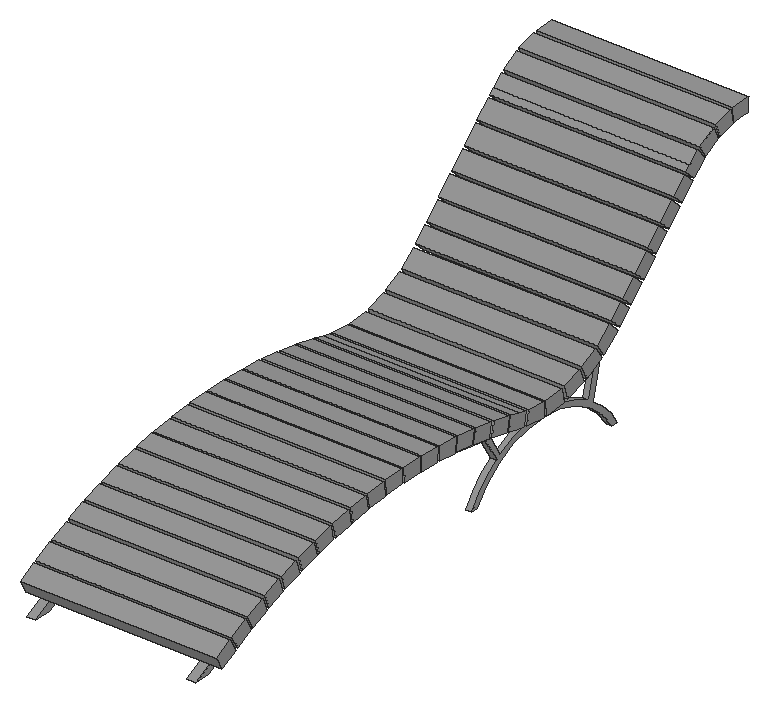
Revit family "9979 Парковый лежак 3 Хоббика", category Антураж, Revit 2018
Family settings
  На основе рабочей плоскости = Нет
  Всегда вертикально = Да
  При загрузке вырезать с полостями = Нет
  Источник визуального образа = Геометрия семейства
  Общий = Нет
  Точка расчета площади = Нет
Parameters (values of type "Парковый лежак 3")
  Ширина = 2450 mm  # constant formula
  Цвет отделки = Дерево
  Цвет каркаса = Сталь
  Описание = "Парковый лежак 3"  # constant formula
  Материал изделия = "Сталь, дерево"  # constant formula
  Изображение типоразмера = Парковый лежак 3 Арт 9979.jpg
  Изготовитель = "ООО «Хоббика»"  # constant formula
  Длина = 700 mm  # constant formula
  Группа модели = "Лежаки и шезлонги"  # constant formula
  Высота = 830 mm  # constant formula
  Артикул товара = "Арт. 9979"  # constant formula
  URL = "https://hobbyka.ru/product/parkovyy_lezhak_3"
Reference planes
  plane 1 "По центру (Вперед/Назад)": y = 0
  plane 2: z = 0
  plane 3 "По центру (Влево/Вправо)": x = 0
  plane 4: x = 700
  plane 5: y = 2450
  plane 6: z = 830
Forms (mm)
  Extrusion 1, solid, material "Сталь" <- "Цвет каркаса"
    sketch origin (0, 0, 0) x (0, 1, 0) y (0, 0, 1)
      loop
        arc (2242.407, 676.174) -> (2334.578, 736.031) -> (2443.127, 753.223) r 264.299
        line (2443.127, 753.223) -> (2444.697, 783.182)
        arc (2444.697, 783.182) -> (2323.827, 764.038) -> (2221.194, 697.387) r 294.299
        line (2221.194, 697.387) -> (1874.711, 350.905)
        arc (1874.711, 350.905) -> (1662.37, 227.041) -> (1416.565, 223.745) r 482.964
        arc (1416.565, 223.745) -> (707.552, 252.925) -> (44.544, 0) r 1761.706
        line (44.544, 0) -> (101.625, 0)
        arc (101.625, 0) -> (736.167, 227.025) -> (1409.32, 194.633) r 1731.706
        arc (1409.32, 194.633) -> (1670.394, 198.134) -> (1895.925, 329.692) r 512.964
        line (1895.925, 329.692) -> (2242.407, 676.174)
    from 50 to 80
  Extrusion 2, solid, material "Сталь" <- "Цвет каркаса"
    sketch origin (0, 0, 0) x (0, 1, 0) y (0, 0, 1)
      loop
        arc (2242.407, 676.174) -> (2334.578, 736.031) -> (2443.127, 753.223) r 264.299
        line (2443.127, 753.223) -> (2444.697, 783.182)
        arc (2444.697, 783.182) -> (2323.827, 764.038) -> (2221.194, 697.387) r 294.299
        line (2221.194, 697.387) -> (1874.711, 350.905)
        arc (1874.711, 350.905) -> (1662.37, 227.041) -> (1416.565, 223.745) r 482.964
        arc (1416.565, 223.745) -> (707.552, 252.925) -> (44.544, 0) r 1761.706
        line (44.544, 0) -> (101.625, 0)
        arc (101.625, 0) -> (736.167, 227.025) -> (1409.32, 194.633) r 1731.706
        arc (1409.32, 194.633) -> (1670.394, 198.134) -> (1895.925, 329.692) r 512.964
        line (1895.925, 329.692) -> (2242.407, 676.174)
    from 620 to 650
  Extrusion 3, solid, material "Сталь" <- "Цвет каркаса"
    sketch origin (0, 0, 0) x (0, 1, 0) y (0, 0, 1)
      loop
        line (1847.149, 286.739) -> (1804.409, 127.231)
        arc (1804.409, 127.231) -> (1606.977, 182.497) -> (1409.516, 127.332) r 380.637
        line (1409.516, 127.332) -> (1361.989, 205.709)
        arc (1361.989, 205.709) -> (1348.59, 208.592) -> (1335.168, 211.368) r 1731.706
        line (1335.168, 211.368) -> (1392.688, 116.512)
        arc (1392.688, 116.512) -> (1331.061, 64.174) -> (1281.88, 0) r 380.637
        line (1281.88, 0) -> (1305.55, 0)
        arc (1305.55, 0) -> (1606.88, 162.497) -> (1908.209, 0) r 360.637
        line (1908.209, 0) -> (1931.88, 0)
        arc (1931.88, 0) -> (1883.111, 63.739) -> (1822.062, 115.837) r 380.637
        line (1822.062, 115.837) -> (1873.77, 308.815)
        arc (1873.77, 308.815) -> (1860.646, 297.553) -> (1847.149, 286.739) r 512.964
    from 55 to 75
  Extrusion 4, solid, material "Сталь" <- "Цвет каркаса"
    sketch origin (0, 0, 0) x (0, 1, 0) y (0, 0, 1)
      loop
        line (1847.149, 286.739) -> (1804.409, 127.231)
        arc (1804.409, 127.231) -> (1606.977, 182.497) -> (1409.516, 127.332) r 380.637
        line (1409.516, 127.332) -> (1361.989, 205.709)
        arc (1361.989, 205.709) -> (1348.59, 208.592) -> (1335.168, 211.368) r 1731.706
        line (1335.168, 211.368) -> (1392.688, 116.512)
        arc (1392.688, 116.512) -> (1331.061, 64.174) -> (1281.88, 0) r 380.637
        line (1281.88, 0) -> (1305.55, 0)
        arc (1305.55, 0) -> (1606.88, 162.497) -> (1908.209, 0) r 360.637
        line (1908.209, 0) -> (1931.88, 0)
        arc (1931.88, 0) -> (1883.111, 63.739) -> (1822.062, 115.837) r 380.637
        line (1822.062, 115.837) -> (1873.77, 308.815)
        arc (1873.77, 308.815) -> (1860.646, 297.553) -> (1847.149, 286.739) r 512.964
    from 625 to 645
  Extrusion 5, solid, material "Дерево" <- "Цвет отделки"
    sketch origin (0, 0, 0) x (0, 1, 0) y (0, 0, 1)
      loop
        line (1874.713, 350.898) -> (1915.73, 391.909) -> (1880.36, 427.283) -> (1839.343, 386.272) -> (1874.713, 350.898)
      loop
        arc (2221.227, 697.364) -> (2236.365, 711.471) -> (2252.456, 724.479) r 294.279
        line (2252.456, 724.479) -> (2222.392, 764.463)
        arc (2222.392, 764.463) -> (2203.563, 749.24) -> (2185.85, 732.731) r 344.291
        line (2185.85, 732.731) -> (2170.294, 717.177) -> (2205.663, 681.803) -> (2221.227, 697.364)
      loop
        arc (101.434, 34.747) -> (130.974, 51.649) -> (160.834, 67.978) r 1761.706
        line (160.834, 67.978) -> (137.269, 112.078)
        arc (137.269, 112.078) -> (106.561, 95.285) -> (76.183, 77.903) r 1811.704
        line (76.183, 77.903) -> (101.434, 34.747)
      loop
        arc (1416.57, 223.743) -> (1432.25, 220.118) -> (1448.041, 217.016) r 482.965
        line (1448.041, 217.016) -> (1456.859, 266.233)
        arc (1456.859, 266.233) -> (1442.693, 269.015) -> (1428.627, 272.267) r 432.956
        arc (1428.627, 272.267) -> (1408.713, 277.104) -> (1388.745, 281.715) r 1811.704
        line (1388.745, 281.715) -> (1377.771, 232.935)
        arc (1377.771, 232.935) -> (1397.197, 228.449) -> (1416.57, 223.743) r 1761.706
      loop
        arc (2447.314, 833.114) -> (2412.329, 833.167) -> (2377.519, 829.67) r 344.299
        line (2377.519, 829.67) -> (2383.305, 780.074)
        arc (2383.305, 780.074) -> (2414.051, 783.351) -> (2444.971, 783.385) r 294.319
        line (2444.971, 783.385) -> (2447.314, 833.114)
      loop
        line (2163.222, 710.106) -> (2113.722, 660.612) -> (2149.091, 625.238) -> (2198.592, 674.732) -> (2163.222, 710.106)
      loop
        line (2106.65, 653.542) -> (2057.149, 604.048) -> (2092.518, 568.673) -> (2142.019, 618.167) -> (2106.65, 653.542)
      loop
        line (2050.078, 596.977) -> (2000.577, 547.483) -> (2035.946, 512.109) -> (2085.447, 561.603) -> (2050.078, 596.977)
      loop
        line (1993.505, 540.412) -> (1944.004, 490.918) -> (1979.374, 455.544) -> (2028.874, 505.038) -> (1993.505, 540.412)
      loop
        line (1936.933, 483.848) -> (1887.432, 434.354) -> (1922.801, 398.98) -> (1972.302, 448.474) -> (1936.933, 483.848)
      loop
        line (2230.47, 770.356) -> (2259.36, 729.516)
        arc (2259.36, 729.516) -> (2284.613, 745.527) -> (2311.36, 758.894) r 294.297
        line (2311.36, 758.894) -> (2291.317, 804.714)
        arc (2291.317, 804.714) -> (2260.02, 789.083) -> (2230.47, 770.356) r 344.291
      loop
        arc (2367.658, 828.011) -> (2333.602, 820.007) -> (2300.535, 808.588) r 344.292
        line (2300.535, 808.588) -> (2319.236, 762.212)
        arc (2319.236, 762.212) -> (2347.489, 772.025) -> (2376.591, 778.92) r 294.383
        line (2376.591, 778.92) -> (2367.658, 828.011)
      loop
        arc (1830.743, 377.906) -> (1804.375, 354.906) -> (1776.237, 334.11) r 432.956
        line (1776.237, 334.11) -> (1804.315, 292.715)
        arc (1804.315, 292.715) -> (1835.705, 315.912) -> (1865.12, 341.568) r 482.965
        line (1865.12, 341.568) -> (1830.743, 377.906)
      loop
        arc (1767.898, 328.592) -> (1737.753, 310.828) -> (1706.273, 295.555) r 432.956
        line (1706.273, 295.555) -> (1726.266, 249.71)
        arc (1726.266, 249.71) -> (1761.384, 266.745) -> (1795.012, 286.56) r 482.965
        line (1795.012, 286.56) -> (1767.898, 328.592)
      loop
        arc (1697.062, 291.664) -> (1664.166, 279.74) -> (1630.416, 270.511) r 432.956
        line (1630.416, 270.511) -> (1641.645, 221.777)
        arc (1641.645, 221.777) -> (1679.294, 232.07) -> (1715.99, 245.369) r 482.965
        line (1715.99, 245.369) -> (1697.062, 291.664)
      loop
        arc (1615.944, 267.435) -> (1581.357, 262.14) -> (1546.455, 259.655) r 432.956
        line (1546.455, 259.655) -> (1547.985, 209.673)
        arc (1547.985, 209.673) -> (1586.919, 212.442) -> (1625.501, 218.347) r 482.965
        line (1625.501, 218.347) -> (1615.944, 267.435)
      loop
        arc (1536.457, 259.464) -> (1501.486, 260.614) -> (1466.721, 264.584) r 432.956
        line (1466.721, 264.584) -> (1459.044, 215.176)
        arc (1459.044, 215.176) -> (1497.823, 210.745) -> (1536.833, 209.46) r 482.965
        line (1536.833, 209.46) -> (1536.457, 259.464)
      loop
        arc (1378.983, 283.883) -> (1344.725, 291.046) -> (1310.334, 297.545) r 1811.704
        line (1310.334, 297.545) -> (1301.524, 248.328)
        arc (1301.524, 248.328) -> (1334.965, 242.008) -> (1368.278, 235.043) r 1761.706
        line (1368.278, 235.043) -> (1378.983, 283.883)
      loop
        arc (1300.486, 299.28) -> (1265.944, 304.924) -> (1231.3, 309.899) r 1811.704
        line (1231.3, 309.899) -> (1224.671, 260.341)
        arc (1224.671, 260.341) -> (1258.359, 255.503) -> (1291.947, 250.015) r 1761.706
        line (1291.947, 250.015) -> (1300.486, 299.28)
      loop
        line (1151.798, 318.752) -> (1147.363, 268.949)
        arc (1147.363, 268.949) -> (1181.232, 265.603) -> (1215.029, 261.603) r 1761.706
        line (1215.029, 261.603) -> (1221.385, 311.197)
        arc (1221.385, 311.197) -> (1186.628, 315.311) -> (1151.798, 318.752) r 1811.704
      loop
        arc (1141.835, 319.611) -> (1106.93, 322.186) -> (1071.983, 324.087) r 1811.704
        line (1071.983, 324.087) -> (1069.75, 274.136)
        arc (1069.75, 274.136) -> (1103.734, 272.289) -> (1137.675, 269.785) r 1761.706
        line (1137.675, 269.785) -> (1141.835, 319.611)
      loop
        arc (1061.991, 324.505) -> (1027.141, 325.534) -> (992.277, 325.893) r 1811.704
        line (992.277, 325.893) -> (992.277, 275.893)
        arc (992.277, 275.893) -> (1025.964, 275.548) -> (1059.638, 274.559) r 1761.706
        line (1059.638, 274.559) -> (1061.991, 324.505)
      loop
        arc (982.009, 325.87) -> (947.014, 325.357) -> (912.035, 324.167) r 1811.704
        line (912.035, 324.167) -> (914.217, 274.214)
        arc (914.217, 274.214) -> (948.231, 275.371) -> (982.26, 275.871) r 1761.706
        line (982.26, 275.871) -> (982.009, 325.87)
      loop
        arc (902.045, 323.703) -> (867.106, 321.645) -> (832.214, 318.913) r 1811.704
        line (832.214, 318.913) -> (836.599, 269.105)
        arc (836.599, 269.105) -> (870.528, 271.762) -> (904.503, 273.763) r 1761.706
        line (904.503, 273.763) -> (902.045, 323.703)
      loop
        arc (822.255, 318.008) -> (787.441, 314.41) -> (752.703, 310.14) r 1811.704
        line (752.703, 310.14) -> (759.282, 260.574)
        arc (759.282, 260.574) -> (793.062, 264.726) -> (826.915, 268.225) r 1761.706
        line (826.915, 268.225) -> (822.255, 318.008)
      loop
        arc (742.793, 308.797) -> (708.172, 303.665) -> (673.657, 297.866) r 1811.704
        line (673.657, 297.866) -> (682.418, 248.639)
        arc (682.418, 248.639) -> (715.981, 254.278) -> (749.646, 259.268) r 1761.706
        line (749.646, 259.268) -> (742.793, 308.797)
      loop
        line (595.229, 282.114) -> (606.155, 233.322)
        arc (606.155, 233.322) -> (639.436, 240.437) -> (672.849, 246.908) r 1761.706
        line (672.849, 246.908) -> (663.816, 296.086)
        arc (663.816, 296.086) -> (629.455, 289.432) -> (595.229, 282.114) r 1811.704
      loop
        arc (585.477, 279.902) -> (551.443, 271.737) -> (517.574, 262.916) r 1811.704
        line (517.574, 262.916) -> (530.642, 214.653)
        arc (530.642, 214.653) -> (563.577, 223.231) -> (596.672, 231.171) r 1761.706
        line (596.672, 231.171) -> (585.477, 279.902)
      loop
        line (440.841, 240.309) -> (456.028, 192.67)
        arc (456.028, 192.67) -> (488.552, 202.693) -> (521.263, 212.086) r 1761.706
        line (521.263, 212.086) -> (507.929, 260.276)
        arc (507.929, 260.276) -> (474.288, 250.616) -> (440.841, 240.309) r 1811.704
      loop
        arc (431.322, 237.245) -> (398.141, 226.11) -> (365.182, 214.336) r 1811.704
        line (365.182, 214.336) -> (382.456, 167.414)
        arc (382.456, 167.414) -> (414.506, 178.863) -> (446.771, 189.691) r 1761.706
        line (446.771, 189.691) -> (431.322, 237.245)
      loop
        arc (355.807, 210.855) -> (323.15, 198.267) -> (290.742, 185.049) r 1811.704
        line (290.742, 185.049) -> (310.071, 138.935)
        arc (310.071, 138.935) -> (341.585, 151.788) -> (373.34, 164.029) r 1761.706
        line (373.34, 164.029) -> (355.807, 210.855)
      loop
        line (217.668, 152.505) -> (239.014, 107.289)
        arc (239.014, 107.289) -> (269.929, 121.52) -> (301.114, 135.151) r 1761.706
        line (301.114, 135.151) -> (281.53, 181.158)
        arc (281.53, 181.158) -> (249.461, 167.14) -> (217.668, 152.505) r 1811.704
      loop
        arc (208.637, 148.211) -> (177.218, 132.79) -> (146.102, 116.766) r 1811.704
        line (146.102, 116.766) -> (169.423, 72.537)
        arc (169.423, 72.537) -> (199.68, 88.119) -> (230.232, 103.113) r 1761.706
        line (230.232, 103.113) -> (208.637, 148.211)
    from 0 to 700
Dimensions and locks
  "Длина": plane 3 "По центру (Влево/Вправо)" to plane 4
  "Ширина": plane 5 to plane 1 "По центру (Вперед/Назад)"
  "Высота": plane 6 to plane 2
  aligned and locked: level to plane 2
Automatic sketch dimensions
  Extrusion 1 sketch curve to Extrusion 1 sketch curve = 0 mm  (x6)
  Extrusion 1 sketch curve to level = 0 mm
  Extrusion 1 sketch curve to plane 1 "По центру (Вперед/Назад)" = 44.544 mm
  Extrusion 1 sketch curve to Extrusion 1 sketch curve = 57.081 mm
  Extrusion 1 sketch curve to plane 1 "По центру (Вперед/Назад)" = 991.1 mm
  Extrusion 1 sketch curve to plane 6 = 137.588 mm
  Extrusion 1 sketch curve to plane 5 = 916.795 mm
  Extrusion 1 sketch curve to Extrusion 1 sketch curve = 341.507 mm
  Extrusion 1 sketch curve to Extrusion 1 sketch curve = 21.213 mm  (x4)
  Extrusion 1 sketch curve to plane 5 = 228.806 mm
  Extrusion 1 sketch curve to plane 5 = 20.706 mm
  Extrusion 1 sketch curve to plane 5 = 6.873 mm
  Extrusion 1 sketch curve to plane 5 = 5.303 mm
  Extrusion 1 sketch curve to level = 1485.813 mm
  level to Extrusion 1 sketch curve = 329.692 mm
  Extrusion 1 sketch curve to plane 6 = 340.713 mm
  Extrusion 1 sketch curve to plane 6 = 153.826 mm
  Extrusion 2 sketch curve to Extrusion 2 sketch curve = 0 mm  (x6)
  Extrusion 2 sketch curve to level = 0 mm
  Extrusion 2 sketch curve to plane 1 "По центру (Вперед/Назад)" = 44.544 mm
  Extrusion 2 sketch curve to Extrusion 2 sketch curve = 57.081 mm
  Extrusion 2 sketch curve to plane 1 "По центру (Вперед/Назад)" = 991.1 mm
  Extrusion 2 sketch curve to plane 6 = 137.588 mm
  Extrusion 2 sketch curve to plane 5 = 916.795 mm
  Extrusion 2 sketch curve to Extrusion 2 sketch curve = 341.507 mm
  Extrusion 2 sketch curve to Extrusion 2 sketch curve = 21.213 mm  (x4)
  Extrusion 2 sketch curve to plane 5 = 228.806 mm
  Extrusion 2 sketch curve to plane 5 = 20.706 mm
  Extrusion 2 sketch curve to plane 5 = 6.873 mm
  Extrusion 2 sketch curve to plane 5 = 5.303 mm
  Extrusion 2 sketch curve to level = 1485.813 mm
  level to Extrusion 2 sketch curve = 329.692 mm
  Extrusion 2 sketch curve to plane 6 = 340.713 mm
  Extrusion 2 sketch curve to plane 6 = 153.826 mm
  Extrusion 3 sketch curve to Extrusion 3 sketch curve = 0 mm  (x12)
  Extrusion 3 sketch curve to level = 0 mm
  level to Extrusion 3 sketch curve = 0 mm
  Extrusion 3 sketch curve to plane 1 "По центру (Вперед/Назад)" = 991.1 mm
  Extrusion 3 sketch curve to plane 5 = 1168.12 mm
  Extrusion 3 sketch curve to Extrusion 3 sketch curve = 23.67 mm
  level to Extrusion 3 sketch curve = 211.368 mm
  Extrusion 3 sketch curve to Extrusion 3 sketch curve = 29.618 mm
  level to Extrusion 3 sketch curve = 205.709 mm
  Extrusion 3 sketch curve to Extrusion 3 sketch curve = 26.821 mm
  level to Extrusion 3 sketch curve = 116.512 mm
  Extrusion 3 sketch curve to Extrusion 3 sketch curve = 30.698 mm
  level to Extrusion 3 sketch curve = 127.332 mm
  Extrusion 3 sketch curve to Extrusion 3 sketch curve = 16.829 mm
  Extrusion 3 sketch curve to plane 6 = 137.588 mm
  Extrusion 3 sketch curve to Extrusion 3 sketch curve = 171.215 mm
  Extrusion 3 sketch curve to level = 198.14 mm
  level to Extrusion 3 sketch curve = 127.231 mm
  level to Extrusion 3 sketch curve = 115.837 mm
  Extrusion 3 sketch curve to Extrusion 3 sketch curve = 17.652 mm
  level to Extrusion 3 sketch curve = 286.739 mm
  Extrusion 3 sketch curve to Extrusion 3 sketch curve = 42.74 mm
  level to Extrusion 3 sketch curve = 308.815 mm
  Extrusion 4 sketch curve to Extrusion 4 sketch curve = 0 mm  (x12)
  Extrusion 4 sketch curve to level = 0 mm
  level to Extrusion 4 sketch curve = 0 mm
  Extrusion 4 sketch curve to plane 1 "По центру (Вперед/Назад)" = 991.1 mm
  Extrusion 4 sketch curve to plane 5 = 1168.12 mm
  Extrusion 4 sketch curve to Extrusion 4 sketch curve = 23.67 mm
  level to Extrusion 4 sketch curve = 211.368 mm
  Extrusion 4 sketch curve to Extrusion 4 sketch curve = 29.618 mm
  level to Extrusion 4 sketch curve = 205.709 mm
  Extrusion 4 sketch curve to Extrusion 4 sketch curve = 26.821 mm
  level to Extrusion 4 sketch curve = 116.512 mm
  Extrusion 4 sketch curve to Extrusion 4 sketch curve = 30.698 mm
  level to Extrusion 4 sketch curve = 127.332 mm
  Extrusion 4 sketch curve to Extrusion 4 sketch curve = 16.829 mm
  Extrusion 4 sketch curve to plane 6 = 137.588 mm
  Extrusion 4 sketch curve to Extrusion 4 sketch curve = 171.215 mm
  Extrusion 4 sketch curve to level = 198.14 mm
  level to Extrusion 4 sketch curve = 127.231 mm
  level to Extrusion 4 sketch curve = 115.837 mm
  Extrusion 4 sketch curve to Extrusion 4 sketch curve = 17.652 mm
  level to Extrusion 4 sketch curve = 286.739 mm
  Extrusion 4 sketch curve to Extrusion 4 sketch curve = 42.74 mm
  level to Extrusion 4 sketch curve = 308.815 mm
  Extrusion 5 sketch curve to Extrusion 5 sketch curve = 0 mm  (x90)
  Extrusion 5 sketch curve to plane 1 "По центру (Вперед/Назад)" = 76.183 mm
  level to Extrusion 5 sketch curve = 34.747 mm
  Extrusion 5 sketch curve to Extrusion 5 sketch curve = 25.251 mm
  Extrusion 5 sketch curve to Extrusion 5 sketch curve = 0.003 mm  (x2)
  Extrusion 5 sketch curve to plane 6 = 137.592 mm
  Extrusion 5 sketch curve to Extrusion 5 sketch curve = 0.024 mm
  level to Extrusion 5 sketch curve = 259.464 mm
  Extrusion 5 sketch curve to Extrusion 5 sketch curve = 3.27 mm
  level to Extrusion 5 sketch curve = 209.46 mm
  Extrusion 5 sketch curve to Extrusion 5 sketch curve = 0.376 mm
  level to Extrusion 5 sketch curve = 259.655 mm
  Extrusion 5 sketch curve to Extrusion 5 sketch curve = 9.998 mm
  level to Extrusion 5 sketch curve = 209.673 mm
  Extrusion 5 sketch curve to Extrusion 5 sketch curve = 11.153 mm
  level to Extrusion 5 sketch curve = 218.347 mm
  Extrusion 5 sketch curve to Extrusion 5 sketch curve = 9.557 mm
  level to Extrusion 5 sketch curve = 270.511 mm
  Extrusion 5 sketch curve to Extrusion 5 sketch curve = 14.472 mm
  level to Extrusion 5 sketch curve = 221.777 mm
  Extrusion 5 sketch curve to Extrusion 5 sketch curve = 16.144 mm
  level to Extrusion 5 sketch curve = 291.664 mm
  level to Extrusion 5 sketch curve = 295.555 mm
  Extrusion 5 sketch curve to Extrusion 5 sketch curve = 9.211 mm
  level to Extrusion 5 sketch curve = 245.369 mm
  level to Extrusion 5 sketch curve = 249.71 mm
  Extrusion 5 sketch curve to Extrusion 5 sketch curve = 10.276 mm
  level to Extrusion 5 sketch curve = 328.592 mm
  level to Extrusion 5 sketch curve = 334.11 mm
  Extrusion 5 sketch curve to Extrusion 5 sketch curve = 8.339 mm
  level to Extrusion 5 sketch curve = 286.56 mm
  level to Extrusion 5 sketch curve = 292.715 mm
  Extrusion 5 sketch curve to Extrusion 5 sketch curve = 9.303 mm
  level to Extrusion 5 sketch curve = 377.906 mm
  Extrusion 5 sketch curve to Extrusion 5 sketch curve = 8.601 mm
  level to Extrusion 5 sketch curve = 341.568 mm
  level to Extrusion 5 sketch curve = 350.898 mm
  Extrusion 5 sketch curve to Extrusion 5 sketch curve = 9.592 mm
  Extrusion 5 sketch curve to plane 6 = 402.717 mm
  Extrusion 5 sketch curve to Extrusion 5 sketch curve = 41.017 mm
  Extrusion 5 sketch curve to Extrusion 5 sketch curve = 7.072 mm  (x11)
  Extrusion 5 sketch curve to Extrusion 5 sketch curve = 49.501 mm  (x5)
  Extrusion 5 sketch curve to plane 6 = 176.458 mm
  Extrusion 5 sketch curve to plane 6 = 119.894 mm
  Extrusion 5 sketch curve to plane 6 = 112.823 mm
  Extrusion 5 sketch curve to plane 6 = 97.269 mm
  Extrusion 5 sketch curve to Extrusion 5 sketch curve = 15.556 mm
  Extrusion 5 sketch curve to plane 6 = 148.197 mm
  Extrusion 5 sketch curve to plane 6 = 132.636 mm
  Extrusion 5 sketch curve to plane 6 = 65.537 mm
  Extrusion 5 sketch curve to Extrusion 5 sketch curve = 36.542 mm
  Extrusion 5 sketch curve to plane 6 = 59.644 mm
  Extrusion 5 sketch curve to Extrusion 5 sketch curve = 8.078 mm
  Extrusion 5 sketch curve to plane 6 = 105.521 mm
  Extrusion 5 sketch curve to Extrusion 5 sketch curve = 31.229 mm
  Extrusion 5 sketch curve to Extrusion 5 sketch curve = 6.904 mm
  Extrusion 5 sketch curve to plane 6 = 25.286 mm
  Extrusion 5 sketch curve to Extrusion 5 sketch curve = 60.846 mm
  Extrusion 5 sketch curve to plane 6 = 21.412 mm
  Extrusion 5 sketch curve to Extrusion 5 sketch curve = 9.218 mm
  Extrusion 5 sketch curve to plane 6 = 71.106 mm
  Extrusion 5 sketch curve to Extrusion 5 sketch curve = 20.043 mm
  Extrusion 5 sketch curve to Extrusion 5 sketch curve = 7.876 mm
  Extrusion 5 sketch curve to plane 6 = 1.989 mm
  Extrusion 5 sketch curve to Extrusion 5 sketch curve = 67.123 mm
  Extrusion 5 sketch curve to Extrusion 5 sketch curve = 8.933 mm
  Extrusion 5 sketch curve to plane 6 = 0.33 mm
  Extrusion 5 sketch curve to Extrusion 5 sketch curve = 9.861 mm
  Extrusion 5 sketch curve to Extrusion 5 sketch curve = 6.714 mm
  Extrusion 5 sketch curve to plane 5 = 20.706 mm
  Extrusion 5 sketch curve to Extrusion 5 sketch curve = 0.005 mm
  Extrusion 5 sketch curve to Extrusion 5 sketch curve = 0.007 mm
  Extrusion 5 sketch curve to Extrusion 5 sketch curve = 0.001 mm
  Extrusion 5 sketch curve to Extrusion 5 sketch curve = 0.068 mm
  Extrusion 5 sketch curve to Extrusion 5 sketch curve = 0.448 mm
  Extrusion 5 sketch curve to Extrusion 5 sketch curve = 0.008 mm
  Extrusion 5 sketch curve to plane 5 = 5.029 mm
  Extrusion 5 sketch curve to plane 5 = 2.686 mm
  Extrusion 5 sketch curve to Extrusion 5 sketch curve = 0.002 mm
  Extrusion 5 sketch curve to Extrusion 5 sketch curve = 43.157 mm
  Extrusion 5 sketch curve to Extrusion 5 sketch curve = 7.071 mm  (x8)
  Extrusion 5 sketch curve to Extrusion 5 sketch curve = 0.004 mm
  Extrusion 5 sketch curve to Extrusion 5 sketch curve = 0.009 mm
  Extrusion 5 sketch curve to Extrusion 5 sketch curve = 0.095 mm
  Extrusion 5 sketch curve to Extrusion 5 sketch curve = 0.066 mm
  Extrusion 5 sketch curve to Extrusion 5 sketch curve = 3.319 mm
  Extrusion 5 sketch curve to Extrusion 5 sketch curve = 1.154 mm
  level to Extrusion 5 sketch curve = 112.078 mm
  level to Extrusion 5 sketch curve = 116.766 mm
  level to Extrusion 5 sketch curve = 67.978 mm
  level to Extrusion 5 sketch curve = 72.537 mm
  level to Extrusion 5 sketch curve = 148.211 mm
  level to Extrusion 5 sketch curve = 152.505 mm
  level to Extrusion 5 sketch curve = 103.113 mm
  level to Extrusion 5 sketch curve = 107.289 mm
  level to Extrusion 5 sketch curve = 181.158 mm
  level to Extrusion 5 sketch curve = 185.049 mm
  level to Extrusion 5 sketch curve = 135.151 mm
  level to Extrusion 5 sketch curve = 138.935 mm
  level to Extrusion 5 sketch curve = 210.855 mm
  level to Extrusion 5 sketch curve = 214.336 mm
  level to Extrusion 5 sketch curve = 164.029 mm
  level to Extrusion 5 sketch curve = 167.414 mm
  level to Extrusion 5 sketch curve = 237.245 mm
  level to Extrusion 5 sketch curve = 240.309 mm
  level to Extrusion 5 sketch curve = 189.691 mm
  level to Extrusion 5 sketch curve = 192.67 mm
  level to Extrusion 5 sketch curve = 260.276 mm
  level to Extrusion 5 sketch curve = 262.916 mm
  level to Extrusion 5 sketch curve = 212.086 mm
  level to Extrusion 5 sketch curve = 214.653 mm
  level to Extrusion 5 sketch curve = 279.902 mm
  level to Extrusion 5 sketch curve = 282.114 mm
  level to Extrusion 5 sketch curve = 231.171 mm
  level to Extrusion 5 sketch curve = 233.322 mm
  level to Extrusion 5 sketch curve = 246.908 mm
  level to Extrusion 5 sketch curve = 248.639 mm
  level to Extrusion 5 sketch curve = 259.268 mm
  level to Extrusion 5 sketch curve = 260.574 mm
  level to Extrusion 5 sketch curve = 269.105 mm
  level to Extrusion 5 sketch curve = 273.763 mm
  level to Extrusion 5 sketch curve = 274.214 mm
  level to Extrusion 5 sketch curve = 275.871 mm
  level to Extrusion 5 sketch curve = 274.559 mm
  level to Extrusion 5 sketch curve = 274.136 mm
  level to Extrusion 5 sketch curve = 324.087 mm
  level to Extrusion 5 sketch curve = 269.785 mm
  level to Extrusion 5 sketch curve = 268.949 mm
  level to Extrusion 5 sketch curve = 318.752 mm
  level to Extrusion 5 sketch curve = 261.603 mm
  level to Extrusion 5 sketch curve = 260.341 mm
  level to Extrusion 5 sketch curve = 309.899 mm
  level to Extrusion 5 sketch curve = 250.015 mm
  level to Extrusion 5 sketch curve = 248.328 mm
  level to Extrusion 5 sketch curve = 297.545 mm
  level to Extrusion 5 sketch curve = 235.043 mm
  level to Extrusion 5 sketch curve = 232.935 mm
  level to Extrusion 5 sketch curve = 281.715 mm
  level to Extrusion 5 sketch curve = 217.016 mm
  Extrusion 5 sketch curve to Extrusion 5 sketch curve = 31.471 mm
  level to Extrusion 5 sketch curve = 266.233 mm
  Extrusion 5 sketch curve to Extrusion 5 sketch curve = 28.231 mm
  level to Extrusion 5 sketch curve = 215.176 mm
  level to Extrusion 5 sketch curve = 264.584 mm
  Extrusion 5 sketch curve to Extrusion 5 sketch curve = 9.863 mm
  Extrusion 5 sketch curve to Extrusion 5 sketch curve = 9.762 mm
  Extrusion 5 sketch curve to Extrusion 5 sketch curve = 9.577 mm
  Extrusion 5 sketch curve to Extrusion 5 sketch curve = 9.848 mm
  Extrusion 5 sketch curve to Extrusion 5 sketch curve = 9.963 mm
  Extrusion 5 sketch curve to Extrusion 5 sketch curve = 9.688 mm
  Extrusion 5 sketch curve to Extrusion 5 sketch curve = 10.113 mm
  Extrusion 5 sketch curve to Extrusion 5 sketch curve = 10.268 mm
  Extrusion 5 sketch curve to Extrusion 5 sketch curve = 10.017 mm
  Extrusion 5 sketch curve to Extrusion 5 sketch curve = 9.989 mm
  Extrusion 5 sketch curve to Extrusion 5 sketch curve = 9.959 mm
  Extrusion 5 sketch curve to Extrusion 5 sketch curve = 9.684 mm
  Extrusion 5 sketch curve to Extrusion 5 sketch curve = 11.002 mm
  Extrusion 5 sketch curve to Extrusion 5 sketch curve = 9.493 mm
  Extrusion 5 sketch curve to Extrusion 5 sketch curve = 2.168 mm
  Extrusion 5 sketch curve to Extrusion 5 sketch curve = 9.642 mm
  Extrusion 5 sketch curve to Extrusion 5 sketch curve = 1.735 mm
  Extrusion 5 sketch curve to Extrusion 5 sketch curve = 9.915 mm
  Extrusion 5 sketch curve to Extrusion 5 sketch curve = 1.298 mm
  Extrusion 5 sketch curve to Extrusion 5 sketch curve = 0.86 mm
  Extrusion 5 sketch curve to Extrusion 5 sketch curve = 9.991 mm
  Extrusion 5 sketch curve to Extrusion 5 sketch curve = 0.419 mm
  Extrusion 5 sketch curve to Extrusion 5 sketch curve = 0.022 mm
  Extrusion 5 sketch curve to Extrusion 5 sketch curve = 9.714 mm
  Extrusion 5 sketch curve to Extrusion 5 sketch curve = 9.483 mm
  Extrusion 5 sketch curve to Extrusion 5 sketch curve = 9.116 mm
  Extrusion 5 sketch curve to Extrusion 5 sketch curve = 9.645 mm
  Extrusion 5 sketch curve to Extrusion 5 sketch curve = 9.212 mm
  Extrusion 5 sketch curve to Extrusion 5 sketch curve = 8.833 mm
  Extrusion 5 sketch curve to Extrusion 5 sketch curve = 8.589 mm
  Extrusion 5 sketch curve to Extrusion 5 sketch curve = 8.782 mm
  Extrusion 5 sketch curve to Extrusion 5 sketch curve = 61.086 mm
  Extrusion 5 sketch curve to Extrusion 5 sketch curve = 4.66 mm
  Extrusion 5 sketch curve to Extrusion 5 sketch curve = 6.579 mm
  Extrusion 5 sketch curve to Extrusion 5 sketch curve = 0.904 mm
  Extrusion 5 sketch curve to Extrusion 5 sketch curve = 9.031 mm
  Extrusion 5 sketch curve to Extrusion 5 sketch curve = 2.458 mm
  Extrusion 5 sketch curve to Extrusion 5 sketch curve = 85.626 mm
  Extrusion 5 sketch curve to Extrusion 5 sketch curve = 49.783 mm
  Extrusion 5 sketch curve to Extrusion 5 sketch curve = 62.535 mm
  Extrusion 5 sketch curve to Extrusion 5 sketch curve = 8.958 mm
  Extrusion 5 sketch curve to Extrusion 5 sketch curve = 9.375 mm
  Extrusion 5 sketch curve to Extrusion 5 sketch curve = 9.519 mm
  Extrusion 5 sketch curve to Extrusion 5 sketch curve = 9.256 mm
  Extrusion 5 sketch curve to Extrusion 5 sketch curve = 9.379 mm
  Extrusion 5 sketch curve to Extrusion 5 sketch curve = 9.752 mm
  level to Extrusion 5 sketch curve = 318.008 mm
  Extrusion 5 sketch curve to Extrusion 5 sketch curve = 9.84 mm
  Extrusion 5 sketch curve to Extrusion 5 sketch curve = 9.569 mm
  Extrusion 5 sketch curve to Extrusion 5 sketch curve = 1.779 mm
  Extrusion 5 sketch curve to Extrusion 5 sketch curve = 9.909 mm
  Extrusion 5 sketch curve to Extrusion 5 sketch curve = 9.636 mm
